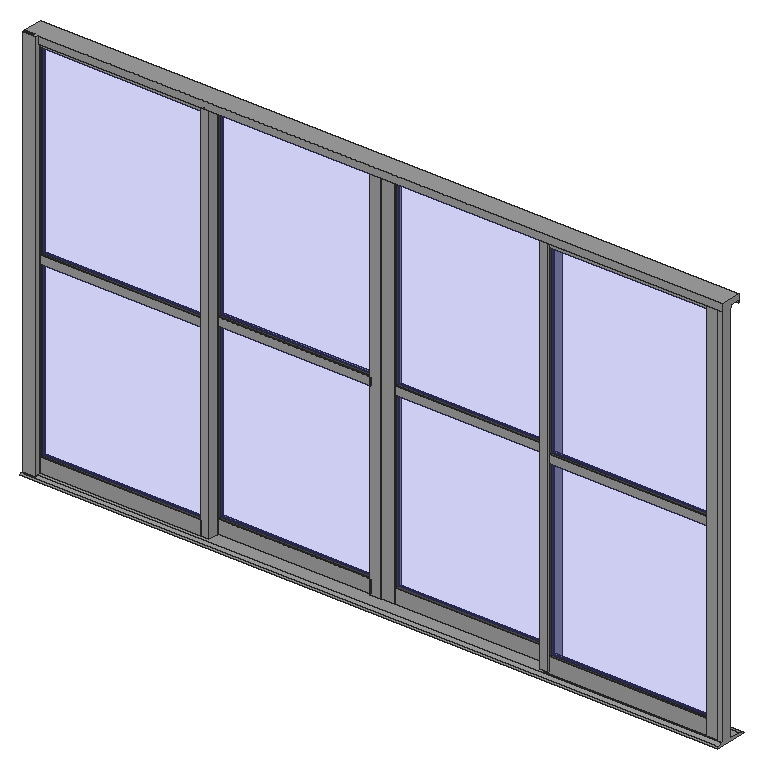
Revit family "MS-360-BIP-Door-INT", category Doors, host Wall, Revit 2015
Parameters
  Wing Width [instance] = 3' - 0"
  Wall Thickness [instance] = 0' - 8"
  URL = "obe.com"
  Pushbar Height [instance] = 3' - 5 1/4"  # constant formula
  Offset Limitation [instance] = if((Offset + 0' 4 59/128") > Wall Thickness, (Wall Thickness - 0' 2 83/256"), Offset + 0' 4 59/128")  # 0' - 4 59/128"
  Offset [instance] = 0' - 0"
  Model = "MS-360-BIP-Door-INT"
  Min Wing Width [instance] = if(Wing Width > 3' 0", Wing Width, 3' 0")  # 3' - 0"
  Max Height [instance] = if(Height < 12' 0", Height, 12' 0")  # 7' - 0"
  Manufacturer = "Oldcastle BuildingEnvelope®"
  Keynote = "08 11 00"
  Glass Material = Glass
  Gasket Material = Gasket
  Function = Interior
  Height = 7' - 0"
  Wall Closure = By host
  Width = 3' - 0"
  Frame Material = Aluminum
  Door Width [instance] = Center Wing Width * 2 + Min Wing Width * 2  # 12' - 0"
  Description = "MS-360 - Multi-track Mall Slider - Bi-Parting"
  Center Wing Width [instance] = if(Wing Width > 3' 0", Wing Width, Min Wing Width)  # 3' - 0"
  Assembly Code = "B2030"
Reference planes (in)
  plane 1 "Center (Front/Back)": y = 0
  plane 2 "Center (Left/Right)": x = 0
  plane 3 "Left": x = -36
  plane 4 "Right": x = 36
  plane 5 "Top": z = 84
  plane 6 "Exterior": y = 4
  plane 7 "Interior": y = -4
  plane 8 "Offset": y = -0.46094
  plane 9: x = -72
  plane 10: x = 72
Lines and regions (in)
  Opening 1
    outline origin (-90, -4, 0) x (1, 0, 0) y (0, 0, 1)
      loop
        line (17.09375, 0) -> (164.15602, 0) -> (164.15602, 84) -> (17.09375, 84) -> (17.09375, 0)
Text (in)
  text "Exterior" at (-74.96733, 82.35455, 0), in view "Ref. Level"
  text "Interior" at (-74.96733, -61.14508, 0), in view "Ref. Level"
  text "Exterior" at (0, 40.15149, 123.01588), in view "Right"
  text "Interior" at (0, -64.39139, 123.01588), in view "Right"
  text "Interior" at (0, -31.01599, 123.00693), in view "Left"
  text "Exterior" at (0, 54.57065, 123.00693), in view "Left"
Dimensions and locks (in)
  equal spacing: plane 3 "Left", plane 2 "Center (Left/Right)", plane 4 "Right"
  "Max Height": level to plane 5 "Top"
  "Wall Thickness": host wall to host wall
  "Offset Limitation": plane 8 "Offset" to plane 6 "Exterior"
  locked: plane 9 to Opening 1 sketch curve at 0.90625
  locked: plane 10 to Opening 1 sketch curve at 2.15602
  "Min Wing Width": plane 9 to plane 3 "Left"
  "Min Wing Width": plane 4 "Right" to plane 10
  "Center Wing Width": plane 3 "Left" to plane 2 "Center (Left/Right)"
  "Center Wing Width": plane 2 "Center (Left/Right)" to plane 4 "Right"
  aligned and locked: plane 5 "Top" to Opening 1 sketch curve  (x2)
  aligned and locked: Opening 1 sketch curve to level
  aligned and locked: plane 6 "Exterior" to host wall
  aligned and locked: plane 7 "Interior" to host wall
  aligned and locked: plane 8 "Offset" to nested 1
Nested families (in)
  nested 1: "MS-360-BIP-Door" at (0, 2.53906, 0), Wing Width <- "Min Wing Width", Height <- "Height", type "MS-360-BIP-Door"
    with Wing Width 3' - 0", Width 12' - 0", Min Wing Width 3' - 0", Max Height 7' - 0", Height 7' - 0", Center Wing Width 3' - 0"
Definition of nested family "MS-360-BIP-Door"
  Parameters (values of type "MS-360-BIP-Door")
    Wing Width [instance] = 3' - 0"
    Width [instance] = Center Wing Width * 2 + Min Wing Width * 2  # 12' - 0"
    Pushbar Height = 3' - 5 1/4"  # constant formula
    Min Wing Width [instance] = if(Wing Width > 3' 0", Wing Width, 3' 0")  # 3' - 0"
    Max Height [instance] = if(Height < 12' 0", Height, 12' 0")  # 7' - 6"
    Height [instance] = 7' - 6"
    Glass Material = none
    Gasket Material = none
    Frame Material = none
    Center Wing Width [instance] = if(Wing Width > 3' 0", Wing Width, Min Wing Width)  # 3' - 0"
  Reference planes (in)
    plane 1 "Center (Front/Back)": y = 0
    plane 2: z = 0
    plane 3 "Center (Left/Right)": x = 0
    plane 4 "Offset": y = -3
    plane 5: z = 90
    plane 6: z = 41.25
    plane 7: x = 36
    plane 8: x = -36
    plane 9: x = 72
    plane 10: x = -72
    plane 11: z = 3.406
    plane 12: z = 40.781
    plane 13: z = 41.843
    plane 14: z = 87.969
  Forms (in)
    Sweep 1, solid, material <- "Frame Material"
      path origin (0, -3, 0) x (-1, 0, 0) y (0, 0, 1)
        loop
          line (-74.15602, 0) -> (73.906, 0)
      profile origin (0.12501, -3, 0) x (0, 0, 1) y (0, 1, 0)
        loop
          line (0.5, 3.39618) -> (0.27143, 4.24923)
          arc (0.27143, 4.24923) -> (0.17106, 4.39943) -> (0, 4.4575) r 0.281
          line (0, 4.4575) -> (0, -2.3225)
          arc (0, -2.3225) -> (0.17106, -2.26443) -> (0.27143, -2.11423) r 0.281
          line (0.27143, -2.11423) -> (0.5, -1.26118) -> (0.5, 3.39618)
    Sweep 2, solid, material <- "Frame Material"
      path origin (0, -3, 0) x (-1, 0, 0) y (0, 0, 1)
        loop
          line (2.5625, 0) -> (36, 0)
      profile origin (-19.28125, -3, 0) x (0, 0, 1) y (0, 1, 0)
        loop
          line (3.688, 1.44922) -> (3.688, 2.01172) -> (3.406, 2.01172) -> (3.406, 2.26172) -> (3.688, 2.26172) -> (3.688, 2.82422) -> (0.688, 2.82422) -> (0.688, 1.44922) -> (3.688, 1.44922)
    Sweep 3, solid, material <- "Frame Material"
      path origin (0, -3, 0) x (-1, 0, 0) y (0, 0, 1)
        loop
          line (36.84401, 0) -> (71.156, 0)
      profile origin (-54.00001, -3, 0) x (0, 0, 1) y (0, 1, 0)
        loop
          line (3.688, 0.68922) -> (0.688, 0.68922) -> (0.688, -0.68578) -> (3.688, -0.68578) -> (3.688, -0.125) -> (3.406, -0.125) -> (3.406, 0.125) -> (3.688, 0.125) -> (3.688, 0.68922)
    Sweep 4, solid, material <- "Frame Material"
      path origin (0, -3, 0) x (-1, 0, 0) y (0, 0, 1)
        loop
          line (-72, 0) -> (-36, 0)
      profile origin (54, -3, 0) x (0, 0, 1) y (0, 1, 0)
        loop
          line (0.5, 0.6875) -> (0.5, -0.6875) -> (3.688, -0.6875) -> (3.688, -0.125) -> (3.406, -0.125) -> (3.406, 0.125) -> (3.688, 0.125) -> (3.688, 0.6875) -> (0.5, 0.6875)
    Sweep 5, solid, material <- "Frame Material"
      path origin (0, -3, 0) x (-1, 0, 0) y (0, 0, 1)
        loop
          line (-74.15602, 90) -> (73.906, 90)
      profile origin (0.12501, -3, 90) x (0, 0, 1) y (0, 1, 0)
        loop
          line (0, 3.2325) -> (-1.625, 3.2325) -> (-1.625, 3.1625) -> (-1.125, 3.1625) -> (-1.125, 1.1075) -> (-1.625, 1.1075) -> (-1.625, 1.0375) -> (-1.125, 1.0375) -> (-1.125, -1.0125) -> (-1.625, -1.0125) -> (-1.625, -1.0825) -> (0, -1.0825) -> (0, 3.2325)
    Sweep 6, solid, material <- "Frame Material"
      path origin (0, -3, 0) x (-1, 0, 0) y (0, 0, 1)
        loop
          line (-72, 90) -> (-36, 90)
      profile origin (54, -3, 90) x (0, 0, 1) y (0, 1, 0)
        loop
          line (-1.125, 0.9175) -> (-1.625, 0.9175) -> (-1.625, 0.6875) -> (-2.437, 0.6875) -> (-2.437, 0.125) -> (-2.031, 0.125) -> (-2.031, -0.125) -> (-2.437, -0.125) -> (-2.437, -0.6875) -> (-1.625, -0.6875) -> (-1.625, -0.9175) -> (-1.125, -0.9175) -> (-1.125, 0.9175)
    Sweep 7, solid, material <- "Frame Material"
      path origin (0, -3, 0) x (-1, 0, 0) y (0, 0, 1)
        loop
          line (-36, 90) -> (-0.31246, 90)
      profile origin (18.15623, -3, 90) x (0, 0, 1) y (0, 1, 0)
        loop
          line (-1.125, 3.05422) -> (-1.625, 3.05422) -> (-1.625, 2.82422) -> (-2.437, 2.82422) -> (-2.437, 2.26172) -> (-2.031, 2.26172) -> (-2.031, 2.01172) -> (-2.437, 2.01172) -> (-2.437, 1.44922) -> (-1.625, 1.44922) -> (-1.625, 1.21922) -> (-1.125, 1.21922) -> (-1.125, 3.05422)
    Sweep 8, solid, material <- "Frame Material"
      path origin (0, -3, 0) x (-1, 0, 0) y (0, 0, 1)
        loop
          line (36, 90) -> (72, 90)
      profile origin (-54, -3, 90) x (0, 0, 1) y (0, 1, 0)
        loop
          line (-1.125, 0.9175) -> (-1.625, 0.9175) -> (-1.625, 0.6875) -> (-2.437, 0.6875) -> (-2.437, 0.125) -> (-2.031, 0.125) -> (-2.031, -0.125) -> (-2.437, -0.125) -> (-2.437, -0.6875) -> (-1.625, -0.6875) -> (-1.625, -0.9175) -> (-1.125, -0.9175) -> (-1.125, 0.9175)
    Sweep 9, solid, material <- "Frame Material"
      path origin (0, -3, 0) x (-1, 0, 0) y (0, 0, 1)
        loop
          line (-72, 88.8125) -> (-72, 0.5)
      profile origin (72, -3, 44.65625) x (0, 1, 0) y (-1, 0, 0)
        loop
          line (0.125, 1) -> (-0.125, 1) -> (-0.125, 1.34401) -> (-0.695, 1.34401) -> (-0.695, 1.40602) -> (-0.75005, 1.40602) -> (-0.75005, -1.40601) -> (-0.62527, -1.40601) -> (-0.5675, -1.15579) -> (0.56267, -1.15579) -> (0.625, -0.90579) -> (0.75005, -0.90579) -> (0.75005, 1.40602) -> (0.69499, 1.40602) -> (0.69499, 1.34401) -> (0.125, 1.34401) -> (0.125, 1)
    Sweep 10, solid, material <- "Frame Material"
      path origin (0, -3, 0) x (-1, 0, 0) y (0, 0, 1)
        loop
          line (-72, 90) -> (-72, 0)
      profile origin (72, -3, 45) x (0, 1, 0) y (-1, 0, 0)
        loop
          line (0.62434, -1.03079) -> (0.56658, -1.28096) -> (0.36928, -1.28096) -> (-0.56305, -1.28096) -> (-0.62536, -1.5309) -> (-0.79998, -1.5309) -> (-0.79998, -1.03117) -> (-1.0001, -1.03117) -> (-1.0001, -2.15602) -> (0.99997, -2.15602) -> (0.99997, -1.03079) -> (0.62434, -1.03079)
    Sweep 11, solid, material <- "Frame Material"
      path origin (0, -3, 0) x (-1, 0, 0) y (0, 0, 1)
        loop
          line (72, 90) -> (72, 0)
      profile origin (-72, -3, 45) x (0, 1, 0) y (-1, 0, 0)
        loop
          line (-1.76, 1.906) -> (-1.76, -0.844) -> (-0.885, -0.844) -> (-0.885, 0.21895) -> (-1.01714, 0.21895) -> (-1.11786, -0.15695) -> (-1.385, -0.15695) -> (-1.385, 1.906) -> (-1.76, 1.906)
    Sweep 12, solid, material <- "Frame Material"
      path origin (0, -3, 0) x (-1, 0, 0) y (0, 0, 1)
        loop
          line (72, 88.875) -> (72, 0.688)
      profile origin (-72, -3, 44.7815) x (0, 1, 0) y (-1, 0, 0)
        loop
          line (0.75, -0.906) -> (0.75, 0.906) -> (-1.26118, 0.906) -> (-1.26118, -0.15695) -> (-1.11786, -0.15695) -> (-1.01714, 0.21895) -> (-0.75, 0.21895) -> (-0.75, -0.906) -> (-0.695, -0.906) -> (-0.695, -0.844) -> (-0.12328, -0.844) -> (-0.12328, -0.5) -> (0.12672, -0.5) -> (0.12672, -0.844) -> (0.695, -0.844) -> (0.695, -0.906) -> (0.75, -0.906)
    Sweep 13, solid, material <- "Frame Material"
      path origin (0, -3, 0) x (-1, 0, 0) y (0, 0, 1)
        loop
          line (36, 0.688) -> (36, 88.813)
      profile origin (-36, -3, 44.7505) x (1, 0, 0) y (0, 1, 0)
        loop
          line (0.90597, -0.75001) -> (0.90597, 1.24996) -> (-0.15695, 1.24996) -> (-0.15695, 1.11762) -> (0.2189, 1.01691) -> (0.2189, 0.74996) -> (-0.90605, 0.74996) -> (-0.90605, 0.69499) -> (-0.84401, 0.69499) -> (-0.84401, 0.125) -> (-0.5, 0.125) -> (-0.5, -0.125) -> (-0.84401, -0.125) -> (-0.84401, -0.69506) -> (-0.90605, -0.69506) -> (-0.90605, -0.75001) -> (0.90597, -0.75001)
    Sweep 14, solid, material <- "Frame Material"
      path origin (0, -3, 0) x (-1, 0, 0) y (0, 0, 1)
        loop
          line (36, 88.875) -> (36, 0.688)
      profile origin (-36, -3, 44.7815) x (0, 1, 0) y (-1, 0, 0)
        loop
          line (2.88673, 0.84403) -> (0.88676, 0.84403) -> (0.88676, -0.2189) -> (1.0191, -0.2189) -> (1.11981, 0.15696) -> (1.38676, 0.15696) -> (1.38676, -0.96799) -> (1.44173, -0.96799) -> (1.44173, -0.90596) -> (2.01172, -0.90596) -> (2.01172, -0.56194) -> (2.26172, -0.56194) -> (2.26172, -0.90596) -> (2.83178, -0.90596) -> (2.83178, -0.96799) -> (2.88673, -0.96799) -> (2.88673, 0.84403)
    Sweep 15, solid, material <- "Frame Material"
      path origin (0, -3, 0) x (1, 0, 0) y (0, 0, 1)
        loop
          line (36, 0.688) -> (36, 88.813)
      profile origin (36, -3, 44.7505) x (1, 0, 0) y (0, 1, 0)
        loop
          line (-0.90597, -0.75001) -> (0.90605, -0.75001) -> (0.90605, -0.69506) -> (0.84401, -0.69506) -> (0.84401, -0.125) -> (0.5, -0.125) -> (0.5, 0.125) -> (0.84401, 0.125) -> (0.84401, 0.69499) -> (0.90605, 0.69499) -> (0.90605, 0.74996) -> (-0.2189, 0.74996) -> (-0.2189, 1.01691) -> (0.15695, 1.11762) -> (0.15695, 1.24996) -> (-0.90597, 1.24996) -> (-0.90597, -0.75001)
    Sweep 16, solid, material <- "Frame Material"
      path origin (0, -3, 0) x (1, 0, 0) y (0, 0, 1)
        loop
          line (36, 88.875) -> (36, 0.688)
      profile origin (36, -3, 44.7815) x (0, 1, 0) y (-1, 0, 0)
        loop
          line (2.88673, -0.84403) -> (2.88673, 0.96799) -> (2.83178, 0.96799) -> (2.83178, 0.90596) -> (2.26172, 0.90596) -> (2.26172, 0.56194) -> (2.01172, 0.56194) -> (2.01172, 0.90596) -> (1.44173, 0.90596) -> (1.44173, 0.96799) -> (1.38676, 0.96799) -> (1.38676, -0.15696) -> (1.11981, -0.15696) -> (1.0191, 0.2189) -> (0.88676, 0.2189) -> (0.88676, -0.84403) -> (2.88673, -0.84403)
    Sweep 17, solid, material <- "Frame Material"
      path origin (0, -3, 0) x (-1, 0, 0) y (0, 0, 1)
        loop
          line (0, 88.375) -> (0, 0.6875)
      profile origin (0, -3, 44.53125) x (0, 1, 0) y (-1, 0, 0)
        loop
          line (2.26172, 2.21848) -> (2.01, 2.21848) -> (2.01, 2.5625) -> (1.44001, 2.5625) -> (1.44001, 2.6245) -> (1.38503, 2.6245) -> (1.38503, 0.31246) -> (1.51, 0.31246) -> (1.57195, 0.06246) -> (2.7031, 0.06246) -> (2.75997, -0.18757) -> (2.885, -0.18757) -> (2.885, 2.6245) -> (2.83004, 2.6245) -> (2.83004, 2.5625) -> (2.26172, 2.5625) -> (2.26172, 2.21848)
    Sweep 18, solid, material <- "Frame Material"
      path origin (0, -3, 0) x (1, 0, 0) y (0, 0, 1)
        loop
          line (0, 88.875) -> (0, 0.6875)
      profile origin (0, -3, 44.78125) x (0, 1, 0) y (-1, 0, 0)
        loop
          line (2.01, -2.21848) -> (2.26172, -2.21848) -> (2.26172, -2.5625) -> (2.83171, -2.5625) -> (2.83171, -2.6245) -> (2.88669, -2.6245) -> (2.88669, -0.31246) -> (2.76172, -0.31246) -> (2.69977, -0.06246) -> (1.56861, -0.06246) -> (1.51175, 0.18757) -> (1.38672, 0.18757) -> (1.38672, -2.6245) -> (1.44168, -2.6245) -> (1.44168, -2.5625) -> (2.01, -2.5625) -> (2.01, -2.21848)
    Sweep 19, solid, material <- "Frame Material"
      path origin (0, -3, 0) x (-1, 0, 0) y (0, 0, 1)
        loop
          line (0.06246, 90) -> (36, 90)
      profile origin (-18.03123, -3, 90) x (0, 0, 1) y (0, 1, 0)
        loop
          line (-1.125, 3.05422) -> (-1.625, 3.05422) -> (-1.625, 2.82422) -> (-2.437, 2.82422) -> (-2.437, 2.26172) -> (-2.031, 2.26172) -> (-2.031, 2.01172) -> (-2.437, 2.01172) -> (-2.437, 1.44922) -> (-1.625, 1.44922) -> (-1.625, 1.21922) -> (-1.125, 1.21922) -> (-1.125, 3.05422)
    Sweep 20, solid, material <- "Frame Material"
      path origin (0, -3, 0) x (-1, 0, 0) y (0, 0, 1)
        loop
          line (-35.09404, 0) -> (-2.5625, 0)
      profile origin (18.82827, -3, 0) x (0, 0, 1) y (0, 1, 0)
        loop
          line (3.688, 1.44922) -> (3.688, 2.01172) -> (3.406, 2.01172) -> (3.406, 2.26172) -> (3.688, 2.26172) -> (3.688, 2.82422) -> (0.688, 2.82422) -> (0.688, 1.44922) -> (3.688, 1.44922)
    Extrusion 21, solid, material <- "Glass Material"
      sketch origin (0, 0, 0) x (1, 0, 0) y (0, 1, 0)
        loop
          line (-71.5, -2.875) -> (-71.5, -3.125) -> (-36.5, -3.125) -> (-36.5, -2.875) -> (-71.5, -2.875)
      from 3.406 to 40.781
    Sweep 22, solid, material <- "Frame Material"
      path origin (0, -3, 0) x (-1, 0, 0) y (0, 0, 1)
        loop
          line (71.156, 41.25) -> (36.84401, 41.25)
      profile origin (-54.00001, -3, 41.25) x (0, 0, -1) y (0, 1, 0)
        loop
          line (-0.593, -0.125) -> (-0.875, -0.125) -> (-0.875, -0.6875) -> (0.875, -0.6875) -> (0.875, -0.125) -> (0.469, -0.125) -> (0.469, 0.125) -> (0.875, 0.125) -> (0.875, 0.6875) -> (-0.875, 0.6875) -> (-0.875, 0.125) -> (-0.593, 0.125) -> (-0.593, -0.125)
    Sweep 23, solid, material <- "Frame Material"
      path origin (0, -3, 0) x (-1, 0, 0) y (0, 0, 1)
        loop
          line (2.5625, 41.25) -> (35.09404, 41.25)
      profile origin (-18.82827, -3, 41.25) x (0, 0, 1) y (0, 1, 0)
        loop
          line (0.593, 2.01172) -> (0.593, 2.26172) -> (0.875, 2.26172) -> (0.875, 2.82422) -> (-0.875, 2.82422) -> (-0.875, 2.26172) -> (-0.469, 2.26172) -> (-0.469, 2.01172) -> (-0.875, 2.01172) -> (-0.875, 1.44922) -> (0.875, 1.44922) -> (0.875, 2.01172) -> (0.593, 2.01172)
    Sweep 24, solid, material <- "Frame Material"
      path origin (32, -3, 0) x (-1, 0, 0) y (0, 0, 1)
        loop
          line (-3.09404, 41.25) -> (29.4375, 41.25)
      profile origin (18.82827, -3, 41.25) x (0, 0, 1) y (0, 1, 0)
        loop
          line (0.593, 2.01172) -> (0.593, 2.26172) -> (0.875, 2.26172) -> (0.875, 2.82422) -> (-0.875, 2.82422) -> (-0.875, 2.26172) -> (-0.469, 2.26172) -> (-0.469, 2.01172) -> (-0.875, 2.01172) -> (-0.875, 1.44922) -> (0.875, 1.44922) -> (0.875, 2.01172) -> (0.593, 2.01172)
    Sweep 25, solid, material <- "Frame Material"
      path origin (66, -3, 0) x (-1, 0, 0) y (0, 0, 1)
        loop
          line (-6, 41.25) -> (30, 41.25)
      profile origin (54, -3, 41.25) x (0, 0, 1) y (0, 1, 0)
        loop
          line (0.593, -0.125) -> (0.593, 0.125) -> (0.875, 0.125) -> (0.875, 0.6875) -> (-0.875, 0.6875) -> (-0.875, 0.125) -> (-0.469, 0.125) -> (-0.469, -0.125) -> (-0.875, -0.125) -> (-0.875, -0.6875) -> (0.875, -0.6875) -> (0.875, -0.125) -> (0.593, -0.125)
    Extrusion 26, solid, material <- "Glass Material"
      sketch origin (0, 0, 0) x (1, 0, 0) y (0, 1, 0)
        loop
          line (-35.43806, -0.73828) -> (-35.43806, -0.98828) -> (-2.21848, -0.98828) -> (-2.21848, -0.73828) -> (-35.43806, -0.73828)
        loop
          line (2.21848, -0.73828) -> (2.21848, -0.98828) -> (35.43806, -0.98828) -> (35.43806, -0.73828) -> (2.21848, -0.73828)
      from 3.406 to 40.781
    Extrusion 27, solid, material <- "Glass Material"
      sketch origin (0, 0, 0) x (1, 0, 0) y (0, 1, 0)
        loop
          line (36.5, -2.875) -> (36.5, -3.125) -> (71, -3.125) -> (71, -2.875) -> (36.5, -2.875)
      from 3.406 to 40.781
    Extrusion 28, solid, material <- "Glass Material"
      sketch origin (0, 0, 0) x (1, 0, 0) y (0, 1, 0)
        loop
          line (-36.5, -2.875) -> (-71.5, -2.875) -> (-71.5, -3.125) -> (-36.5, -3.125) -> (-36.5, -2.875)
        loop
          line (71, -2.875) -> (36.5, -2.875) -> (36.5, -3.125) -> (71, -3.125) -> (71, -2.875)
      from 41.843 to 87.969
    Extrusion 29, solid, material <- "Glass Material"
      sketch origin (0, 0, 0) x (1, 0, 0) y (0, 1, 0)
        loop
          line (-2.21848, -0.73828) -> (-35.43806, -0.73828) -> (-35.43806, -0.98828) -> (-2.21848, -0.98828) -> (-2.21848, -0.73828)
        loop
          line (2.21848, -0.73828) -> (2.21848, -0.98828) -> (35.43806, -0.98828) -> (35.43806, -0.73828) -> (2.21848, -0.73828)
      from 41.843 to 87.969
    Sweep 30, solid, material <- "Gasket Material"
      path origin (0, -3, 0) x (-1, 0, 0) y (0, 0, 1)
        loop
          line (-71.0625, 87.969) -> (-71.0625, 41.71875) -> (-36.4375, 41.71875) -> (-36.4375, 87.969) -> (-71.0625, 87.969)
      profile origin (53.75, -3, 87.969) x (0, 0, 1) y (0, 1, 0)
        loop
          line (-0.406, 0.4435) -> (-0.54804, 0.125) -> (-0.406, 0.125) -> (-0.406, 0.4435)
        loop
          line (-0.54804, -0.125) -> (-0.406, -0.4435) -> (-0.406, -0.125) -> (-0.54804, -0.125)
    Sweep 31, solid, material <- "Gasket Material"
      path origin (0, -3, 0) x (-1, 0, 0) y (0, 0, 1)
        loop
          line (-35.5, 87.969) -> (-35.5, 41.71875) -> (-2.1565, 41.71875) -> (-2.1565, 87.969) -> (-35.5, 87.969)
      profile origin (18.82825, -3, 87.969) x (0, 0, 1) y (0, 1, 0)
        loop
          line (-0.406, 2.58022) -> (-0.54804, 2.26172) -> (-0.406, 2.26172) -> (-0.406, 2.58022)
        loop
          line (-0.54804, 2.01172) -> (-0.406, 1.69322) -> (-0.406, 2.01172) -> (-0.54804, 2.01172)
    Sweep 32, solid, material <- "Gasket Material"
      path origin (-37.65655, -3, 0) x (-1, 0, 0) y (0, 0, 1)
        loop
          line (-35.5, 87.969) -> (-35.5, 41.71875) -> (-2.1565, 41.71875) -> (-2.1565, 87.969) -> (-35.5, 87.969)
      profile origin (-18.8283, -3, 87.969) x (0, 0, 1) y (0, 1, 0)
        loop
          line (-0.406, 2.58022) -> (-0.54804, 2.26172) -> (-0.406, 2.26172) -> (-0.406, 2.58022)
        loop
          line (-0.54804, 2.01172) -> (-0.406, 1.69322) -> (-0.406, 2.01172) -> (-0.54804, 2.01172)
    Sweep 33, solid, material <- "Gasket Material"
      path origin (0, -3, 0) x (-1, 0, 0) y (0, 0, 1)
        loop
          line (36.43725, 87.969) -> (36.43725, 41.71875) -> (71.562, 41.71875) -> (71.562, 87.969) -> (36.43725, 87.969)
      profile origin (-53.99963, -3, 87.969) x (0, 0, 1) y (0, 1, 0)
        loop
          line (-0.406, 0.4435) -> (-0.54804, 0.125) -> (-0.406, 0.125) -> (-0.406, 0.4435)
        loop
          line (-0.54804, -0.125) -> (-0.406, -0.4435) -> (-0.406, -0.125) -> (-0.54804, -0.125)
    Sweep 34, solid, material <- "Gasket Material"
      path origin (0, -3, 0) x (-1, 0, 0) y (0, 0, 1)
        loop
          line (35.9685, 41.25) -> (35.9685, 2.81225) -> (72.03075, 2.81225) -> (72.03075, 41.25) -> (35.9685, 41.25)
      profile origin (-53.99963, -3, 41.25) x (0, 0, 1) y (0, 1, 0)
        loop
          line (-0.875, 0.4435) -> (-1.01704, 0.125) -> (-0.875, 0.125) -> (-0.875, 0.4435)
        loop
          line (-1.01704, -0.125) -> (-0.875, -0.4435) -> (-0.875, -0.125) -> (-1.01704, -0.125)
    Sweep 35, solid, material <- "Gasket Material"
      path origin (0, -3, 0) x (-1, 0, 0) y (0, 0, 1)
        loop
          line (1.6878, 41.25) -> (1.6878, 2.81225) -> (35.96879, 2.81225) -> (35.96879, 41.25) -> (1.6878, 41.25)
      profile origin (-18.8283, -3, 41.25) x (0, 0, 1) y (0, 1, 0)
        loop
          line (-0.875, 2.58022) -> (-1.01704, 2.26172) -> (-0.875, 2.26172) -> (-0.875, 2.58022)
        loop
          line (-1.01704, 2.01172) -> (-0.875, 1.69322) -> (-0.875, 2.01172) -> (-1.01704, 2.01172)
    Sweep 36, solid, material <- "Gasket Material"
      path origin (37.6563, -3, 0) x (-1, 0, 0) y (0, 0, 1)
        loop
          line (1.6878, 41.25) -> (1.6878, 2.81225) -> (35.96879, 2.81225) -> (35.96879, 41.25) -> (1.6878, 41.25)
      profile origin (18.828, -3, 41.25) x (0, 0, 1) y (0, 1, 0)
        loop
          line (-0.875, 2.58022) -> (-1.01704, 2.26172) -> (-0.875, 2.26172) -> (-0.875, 2.58022)
        loop
          line (-1.01704, 2.01172) -> (-0.875, 1.69322) -> (-0.875, 2.01172) -> (-1.01704, 2.01172)
    Sweep 37, solid, material <- "Gasket Material"
      path origin (107.4995, -3, 0) x (-1, 0, 0) y (0, 0, 1)
        loop
          line (35.9685, 41.25) -> (35.9685, 2.81225) -> (71.53075, 2.81225) -> (71.53075, 41.25) -> (35.9685, 41.25)
      profile origin (53.74987, -3, 41.25) x (0, 0, 1) y (0, 1, 0)
        loop
          line (-0.875, 0.4435) -> (-1.01704, 0.125) -> (-0.875, 0.125) -> (-0.875, 0.4435)
        loop
          line (-1.01704, -0.125) -> (-0.875, -0.4435) -> (-0.875, -0.125) -> (-1.01704, -0.125)
  Cuts and joins
    joined: Sweep 1, Sweep 5, Sweep 10, Sweep 11
    joined: Sweep 4, Sweep 6, Sweep 9, Sweep 15, Sweep 25
    joined: Sweep 7, Sweep 16, Sweep 18, Sweep 20, Sweep 24
    joined: Sweep 2, Sweep 14, Sweep 19, Sweep 23
    joined: Sweep 8, Sweep 12, Sweep 13, Sweep 22
  Dimensions and locks (in)
    "Pushbar Height": plane 6 to level
    "Max Height": plane 5 to level
    "Center Wing Width": plane 8 to plane 3 "Center (Left/Right)"
    "Center Wing Width": plane 3 "Center (Left/Right)" to plane 7
    "Min Wing Width": plane 10 to plane 8
    "Min Wing Width": plane 7 to plane 9
    equal spacing: plane 10, plane 3 "Center (Left/Right)", plane 9
    locked: Sweep 1 sketch curve to plane 9 at 2.15602
    locked: Sweep 5 sketch curve to plane 9 at 2.15602
    locked: Sweep 9 sketch curve to plane 5 at 1.1875
    locked: Sweep 1 sketch curve to plane 10 at 1.906
    locked: Sweep 5 sketch curve to plane 10 at 1.906
    locked: level to Sweep 12 sketch curve at 0.688
    locked: Sweep 12 sketch curve to plane 5 at 1.125
    locked: Sweep 13 sketch curve to plane 5 at 1.187
    locked: Sweep 14 sketch curve to plane 5 at 1.125
    locked: level to Sweep 14 sketch curve at 0.688
    locked: level to Sweep 13 sketch curve at 0.688
    locked: Sweep 15 sketch curve to plane 5 at 1.187
    locked: level to Sweep 15 sketch curve at 0.688
    locked: Sweep 16 sketch curve to plane 5 at 1.125
    locked: level to Sweep 16 sketch curve at 0.688
    locked: Sweep 17 sketch curve to plane 5 at 1.625
    locked: level to Sweep 17 sketch curve at 0.6875
    locked: Sweep 18 sketch curve to plane 5 at 1.125
    locked: level to Sweep 18 sketch curve at 0.6875
    locked: plane 3 "Center (Left/Right)" to Sweep 19 sketch curve at 0.06246
    locked: Sweep 7 sketch curve to plane 3 "Center (Left/Right)" at 0.31246
    locked: Sweep 20 sketch curve to plane 3 "Center (Left/Right)" at 2.5625
    locked: plane 3 "Center (Left/Right)" to Sweep 2 sketch curve at 2.5625
    locked: plane 10 to Extrusion 21 sketch curve at 0.5
    locked: Extrusion 21 sketch curve to plane 8 at 0.5
    Extrusion 21 sketch curve to plane 4 "Offset" to Extrusion 21 sketch curve = 0' - 0 1/8" locked, 0' - 0 1/8" locked
    locked: plane 11 to level at 3.406
    plane 13 to plane 6 to plane 12 = 0' - 0.593" locked, 0' - 0.469" locked
    locked: plane 3 "Center (Left/Right)" to Sweep 23 sketch curve at 2.5625
    locked: Sweep 24 sketch curve to plane 3 "Center (Left/Right)" at 2.5625
    Extrusion 26 sketch curve to Extrusion 26 sketch curve to plane 4 "Offset" = 0' - 0 1/4" locked, 0' - 2 3/256" locked  (x2)
    locked: plane 8 to Extrusion 26 sketch curve at 0.56194
    Extrusion 26 sketch curve to plane 3 "Center (Left/Right)" to Extrusion 26 sketch curve = 0' - 2.21848" locked, 0' - 2.21848" locked
    locked: Extrusion 26 sketch curve to plane 7 at 0.56194
    Extrusion 27 sketch curve to plane 4 "Offset" to Extrusion 27 sketch curve = 0' - 0 1/8" locked, 0' - 0 1/8" locked
    locked: Extrusion 27 sketch curve to plane 9 at 1
    locked: plane 7 to Extrusion 27 sketch curve at 0.5
    Extrusion 28 sketch curve to plane 4 "Offset" to Extrusion 28 sketch curve = 0' - 0 1/8" locked, 0' - 0 1/8" locked  (x2)
    locked: plane 10 to Extrusion 28 sketch curve at 0.5
    locked: Extrusion 28 sketch curve to plane 8 at 0.5
    locked: plane 7 to Extrusion 28 sketch curve at 0.5
    locked: Extrusion 28 sketch curve to plane 9 at 1
    locked: plane 5 to plane 14 at 2.031
    Extrusion 29 sketch curve to Extrusion 29 sketch curve to plane 4 "Offset" = 0' - 0 1/4" locked, 0' - 2 3/256" locked  (x2)
    locked: Extrusion 29 sketch curve to plane 7 at 0.56194
    Extrusion 29 sketch curve to plane 3 "Center (Left/Right)" to Extrusion 29 sketch curve = 0' - 2.21848" locked, 0' - 2.21848" locked
    locked: plane 8 to Extrusion 29 sketch curve at 0.56194
    locked: plane 6 to Sweep 30 sketch curve at 0.46875
    locked: Sweep 30 sketch curve to plane 7 at 0.4375
    locked: plane 9 to Sweep 30 sketch curve at 0.9375
    locked: plane 7 to Sweep 31 sketch curve at 0.5
    locked: Sweep 31 sketch curve to plane 3 "Center (Left/Right)" at 2.1565
    locked: plane 6 to Sweep 31 sketch curve at 0.46875
    locked: plane 8 to Sweep 32 sketch curve at 0.49996
    locked: plane 3 "Center (Left/Right)" to Sweep 32 sketch curve at 2.15655
    locked: plane 6 to Sweep 32 sketch curve at 0.46875
    locked: plane 10 to Sweep 33 sketch curve at 0.438
    locked: Sweep 33 sketch curve to plane 8 at 0.43725
    locked: level to Sweep 34 sketch curve at 2.81225
    locked: plane 8 to Sweep 34 sketch curve at 0.0315
    locked: Sweep 34 sketch curve to plane 10 at 0.03075
    locked: plane 8 to Sweep 35 sketch curve at 0.03121
    locked: level to Sweep 35 sketch curve at 2.81225
    locked: plane 3 "Center (Left/Right)" to Sweep 35 sketch curve at 1.6878
    locked: Sweep 36 sketch curve to plane 3 "Center (Left/Right)" at 1.6875
    locked: plane 7 to Sweep 36 sketch curve at 0.0315
    locked: level to Sweep 36 sketch curve at 2.81225
    locked: plane 7 to Sweep 37 sketch curve at 0.03125
    locked: plane 10 to Sweep 22 sketch curve at 0.844
    locked: Sweep 22 sketch curve to plane 8 at 0.84401
    locked: plane 10 to Sweep 3 sketch curve at 0.844
    locked: Sweep 3 sketch curve to plane 8 at 0.84401
    locked: plane 7 to Sweep 24 sketch curve at 0.90596
    locked: plane 8 to Sweep 23 sketch curve at 0.90596
    locked: plane 7 to Sweep 20 sketch curve at 0.90596
    aligned and locked: level to plane 2
    aligned and locked: Sweep 1 sketch curve to level
    aligned and locked: Sweep 2 sketch curve to level
    aligned and locked: Sweep 2 sketch curve to plane 8
    aligned and locked: Sweep 3 sketch curve to level
    aligned and locked: Sweep 4 sketch curve to level
    aligned and locked: plane 9 to Sweep 4 sketch curve
    aligned and locked: plane 7 to Sweep 4 sketch curve
    aligned and locked: Sweep 5 sketch curve to plane 5
    aligned and locked: Sweep 6 sketch curve to plane 5
    aligned and locked: plane 9 to Sweep 6 sketch curve
    aligned and locked: plane 7 to Sweep 6 sketch curve
    aligned and locked: Sweep 7 sketch curve to plane 5
    aligned and locked: plane 7 to Sweep 7 sketch curve
    aligned and locked: Sweep 8 sketch curve to plane 5
    aligned and locked: plane 10 to Sweep 8 sketch curve
    aligned and locked: plane 8 to Sweep 8 sketch curve
    aligned and locked: plane 9 to Sweep 9 sketch curve
    aligned and locked: plane 9 to Sweep 10 sketch curve
    aligned and locked: level to Sweep 10 sketch curve
    aligned and locked: plane 5 to Sweep 10 sketch curve
    aligned and locked: Sweep 11 sketch curve to plane 10
    aligned and locked: plane 5 to Sweep 11 sketch curve
    aligned and locked: level to Sweep 11 sketch curve
    aligned and locked: Sweep 12 sketch curve to plane 10
    aligned and locked: plane 8 to Sweep 13 sketch curve
    aligned and locked: Sweep 14 sketch curve to plane 8
    aligned and locked: Sweep 15 sketch curve to plane 7
    aligned and locked: plane 7 to Sweep 16 sketch curve
    aligned and locked: plane 3 "Center (Left/Right)" to Sweep 17 sketch curve
    aligned and locked: plane 3 "Center (Left/Right)" to Sweep 18 sketch curve
    aligned and locked: Sweep 19 sketch curve to plane 5
    aligned and locked: plane 8 to Sweep 19 sketch curve
    aligned and locked: Sweep 20 sketch curve to level
    aligned and locked: Extrusion 21 to plane 11
    aligned and locked: plane 12 to Extrusion 21
    aligned and locked: plane 6 to Sweep 22 sketch curve
    aligned and locked: Sweep 23 sketch curve to plane 6
    aligned and locked: Sweep 24 sketch curve to plane 6
    aligned and locked: Sweep 25 sketch curve to plane 6
    aligned and locked: plane 9 to Sweep 25 sketch curve
    aligned and locked: plane 7 to Sweep 25 sketch curve
    aligned and locked: Extrusion 26 to plane 11
    aligned and locked: plane 12 to Extrusion 26
    aligned and locked: Extrusion 27 to plane 11
    aligned and locked: plane 12 to Extrusion 27
    aligned and locked: Extrusion 28 to plane 13
    aligned and locked: plane 14 to Extrusion 28
    aligned and locked: Extrusion 29 to plane 13
    aligned and locked: plane 14 to Extrusion 29
    aligned and locked: plane 14 to Sweep 30 sketch curve
    aligned and locked: plane 14 to Sweep 31 sketch curve
    aligned and locked: plane 14 to Sweep 32 sketch curve
    aligned and locked: plane 14 to Sweep 33 sketch curve
    aligned and locked: Sweep 34 sketch curve to plane 6
    aligned and locked: Sweep 35 sketch curve to plane 6
    aligned and locked: Sweep 36 sketch curve to plane 6
    aligned and locked: Sweep 37 sketch curve to plane 6
  Automatic sketch dimensions
    profile plane to Sweep 1 sketch curve = 0' - 0"
    Sweep 1 sketch curve to profile plane = 0' - 0.27143"  (x2)
    Sweep 1 sketch curve to profile plane = 0' - 0 1/2"
    Sweep 1 sketch curve to plane 4 "Offset" = 0' - 2.3225"
    Sweep 1 sketch curve to Sweep 1 sketch curve = 0' - 0.20827"
    Sweep 1 sketch curve to Sweep 1 sketch curve = 0' - 0.85305"
    plane 4 "Offset" to Sweep 1 sketch curve = 0' - 3.39618"
    Sweep 1 sketch curve to Sweep 1 sketch curve = 0' - 0.78032"
    Sweep 1 sketch curve to Sweep 1 sketch curve = 0' - 0.07273"
    Sweep 2 sketch curve to profile plane = 0' - 0.688"
    Sweep 2 sketch curve to Sweep 2 sketch curve = 0' - 2.718"
    Sweep 2 sketch curve to Sweep 2 sketch curve = 0' - 0.282"  (x2)
    plane 4 "Offset" to Sweep 2 sketch curve = 0' - 1 115/256"
    Sweep 2 sketch curve to Sweep 2 sketch curve = 0' - 0 9/16"  (x2)
    Sweep 2 sketch curve to Sweep 2 sketch curve = 0' - 0 1/4"
    Sweep 3 sketch curve to profile plane = 0' - 0.688"
    Sweep 3 sketch curve to plane 4 "Offset" = 0' - 0 1/8"
    Sweep 3 sketch curve to Sweep 3 sketch curve = 0' - 2.718"
    Sweep 3 sketch curve to Sweep 3 sketch curve = 0' - 0.282"  (x2)
    Sweep 3 sketch curve to plane 4 "Offset" = 0' - 0.68578"
    plane 4 "Offset" to Sweep 3 sketch curve = 0' - 0 1/8"
    plane 4 "Offset" to Sweep 3 sketch curve = 0' - 0.68922"
    Sweep 4 sketch curve to profile plane = 0' - 0 1/2"
    plane 4 "Offset" to Sweep 4 sketch curve = 0' - 0 1/8"
    Sweep 4 sketch curve to Sweep 4 sketch curve = 0' - 2.906"
    Sweep 4 sketch curve to Sweep 4 sketch curve = 0' - 0.282"
    Sweep 4 sketch curve to Sweep 4 sketch curve = 0' - 0"
    Sweep 4 sketch curve to plane 4 "Offset" = 0' - 0 1/8"
    Sweep 4 sketch curve to plane 4 "Offset" = 0' - 0 11/16"
    Sweep 4 sketch curve to Sweep 4 sketch curve = 0' - 0 9/16"
    profile plane to Sweep 5 sketch curve = 0' - 0"
    profile plane to Sweep 5 sketch curve = 0' - 1 1/8"  (x2)
    Sweep 5 sketch curve to Sweep 5 sketch curve = 0' - 0 1/2"  (x3)
    Sweep 5 sketch curve to plane 4 "Offset" = 0' - 1.0825"
    Sweep 5 sketch curve to Sweep 5 sketch curve = 0' - 0.07"  (x3)
    plane 4 "Offset" to Sweep 5 sketch curve = 0' - 1.0375"
    Sweep 5 sketch curve to Sweep 5 sketch curve = 0' - 2.055"
    Sweep 6 sketch curve to plane 4 "Offset" = 0' - 0 1/8"
    profile plane to Sweep 6 sketch curve = 0' - 2.437"
    plane 4 "Offset" to Sweep 6 sketch curve = 0' - 0 1/8"
    Sweep 6 sketch curve to Sweep 6 sketch curve = 0' - 0"
    Sweep 6 sketch curve to Sweep 6 sketch curve = 0' - 0.406"
    Sweep 6 sketch curve to Sweep 6 sketch curve = 0' - 0.812"  (x2)
    Sweep 6 sketch curve to Sweep 6 sketch curve = 0' - 0 1/2"
    Sweep 6 sketch curve to plane 4 "Offset" = 0' - 0 11/16"
    Sweep 6 sketch curve to Sweep 6 sketch curve = 0' - 0.23"  (x2)
    Sweep 6 sketch curve to Sweep 6 sketch curve = 0' - 0 9/16"
    profile plane to Sweep 7 sketch curve = 0' - 2.437"
    Sweep 7 sketch curve to Sweep 7 sketch curve = 0' - 0"
    Sweep 7 sketch curve to Sweep 7 sketch curve = 0' - 0.406"
    Sweep 7 sketch curve to Sweep 7 sketch curve = 0' - 0.812"  (x2)
    Sweep 7 sketch curve to Sweep 7 sketch curve = 0' - 0 1/2"
    plane 4 "Offset" to Sweep 7 sketch curve = 0' - 1.21922"
    Sweep 7 sketch curve to Sweep 7 sketch curve = 0' - 0.23"  (x2)
    Sweep 7 sketch curve to Sweep 7 sketch curve = 0' - 0 9/16"  (x2)
    Sweep 7 sketch curve to Sweep 7 sketch curve = 0' - 0 1/4"
    Sweep 8 sketch curve to plane 4 "Offset" = 0' - 0 1/8"
    profile plane to Sweep 8 sketch curve = 0' - 2.437"
    plane 4 "Offset" to Sweep 8 sketch curve = 0' - 0 1/8"
    Sweep 8 sketch curve to Sweep 8 sketch curve = 0' - 0"
    Sweep 8 sketch curve to Sweep 8 sketch curve = 0' - 0.406"
    Sweep 8 sketch curve to Sweep 8 sketch curve = 0' - 0.812"  (x2)
    Sweep 8 sketch curve to Sweep 8 sketch curve = 0' - 0 1/2"
    Sweep 8 sketch curve to plane 4 "Offset" = 0' - 0 11/16"
    Sweep 8 sketch curve to Sweep 8 sketch curve = 0' - 0.23"  (x2)
    Sweep 8 sketch curve to Sweep 8 sketch curve = 0' - 0 9/16"
    level to Sweep 9 sketch curve = 0' - 0 1/2"
    Sweep 9 sketch curve to plane 4 "Offset" = 0' - 0.75005"
    Sweep 9 sketch curve to Sweep 9 sketch curve = 0' - 0.05506"
    Sweep 9 sketch curve to Sweep 9 sketch curve = 0' - 0.12478"
    Sweep 9 sketch curve to Sweep 9 sketch curve = 0' - 0.05777"
    Sweep 9 sketch curve to plane 4 "Offset" = 0' - 0 1/8"
    plane 4 "Offset" to Sweep 9 sketch curve = 0' - 0 1/8"
    plane 4 "Offset" to Sweep 9 sketch curve = 0' - 0.56267"
    Sweep 9 sketch curve to Sweep 9 sketch curve = 0' - 0.06233"
    Sweep 9 sketch curve to Sweep 9 sketch curve = 0' - 0.56999"
    Sweep 9 sketch curve to Sweep 9 sketch curve = 0' - 0.12505"
    profile plane to Sweep 9 sketch curve = 0' - 1.40601"
    Sweep 9 sketch curve to Sweep 9 sketch curve = 0' - 0.25022"
    Sweep 9 sketch curve to Sweep 9 sketch curve = 0' - 0 1/4"
    Sweep 9 sketch curve to profile plane = 0' - 1"
    Sweep 9 sketch curve to Sweep 9 sketch curve = 0' - 0.34401"
    Sweep 9 sketch curve to Sweep 9 sketch curve = 0' - 0"
    Sweep 9 sketch curve to Sweep 9 sketch curve = 0' - 0.06201"  (x2)
    Sweep 10 sketch curve to plane 4 "Offset" = 0' - 1.0001"
    Sweep 10 sketch curve to Sweep 10 sketch curve = 0' - 0.20012"
    Sweep 10 sketch curve to Sweep 10 sketch curve = 0' - 0.17462"
    Sweep 10 sketch curve to Sweep 10 sketch curve = 0' - 0.06232"
    plane 4 "Offset" to Sweep 10 sketch curve = 0' - 0.36928"
    Sweep 10 sketch curve to Sweep 10 sketch curve = 0' - 0.1973"
    Sweep 10 sketch curve to Sweep 10 sketch curve = 0' - 0.05776"
    Sweep 10 sketch curve to Sweep 10 sketch curve = 0' - 0.37563"
    profile plane to Sweep 10 sketch curve = 0' - 2.15602"
    Sweep 10 sketch curve to Sweep 10 sketch curve = 0' - 0.62512"
    Sweep 10 sketch curve to Sweep 10 sketch curve = 0' - 0.87506"
    Sweep 10 sketch curve to Sweep 10 sketch curve = 0' - 0.24979"
    Sweep 10 sketch curve to Sweep 10 sketch curve = 0' - 0.25017"
    profile plane to Sweep 11 sketch curve = 0' - 0.844"
    Sweep 11 sketch curve to plane 4 "Offset" = 0' - 1.76"
    profile plane to Sweep 11 sketch curve = 0' - 0.15695"
    Sweep 11 sketch curve to Sweep 11 sketch curve = 0' - 0 3/8"
    Sweep 11 sketch curve to Sweep 11 sketch curve = 0' - 0.26714"
    Sweep 11 sketch curve to Sweep 11 sketch curve = 0' - 0.10072"
    Sweep 11 sketch curve to Sweep 11 sketch curve = 0' - 0.23286"
    Sweep 11 sketch curve to profile plane = 0' - 0.21895"
    Sweep 11 sketch curve to Sweep 11 sketch curve = 0' - 1.68705"
    profile plane to Sweep 12 sketch curve = 0' - 0.15695"
    Sweep 12 sketch curve to plane 4 "Offset" = 0' - 1.26118"
    Sweep 12 sketch curve to Sweep 12 sketch curve = 0' - 0.14332"
    Sweep 12 sketch curve to profile plane = 0' - 0.21895"
    Sweep 12 sketch curve to Sweep 12 sketch curve = 0' - 0.10072"
    Sweep 12 sketch curve to Sweep 12 sketch curve = 0' - 0.26714"
    Sweep 12 sketch curve to Sweep 12 sketch curve = 0' - 0.055"
    Sweep 12 sketch curve to plane 4 "Offset" = 0' - 0.12328"
    plane 4 "Offset" to Sweep 12 sketch curve = 0' - 0.12672"
    Sweep 12 sketch curve to Sweep 12 sketch curve = 0' - 0.56828"
    plane 4 "Offset" to Sweep 12 sketch curve = 0' - 0 3/4"
    profile plane to Sweep 12 sketch curve = 0' - 0 1/2"
    Sweep 12 sketch curve to Sweep 12 sketch curve = 0' - 0.344"
    Sweep 12 sketch curve to Sweep 12 sketch curve = 0' - 0"
    Sweep 12 sketch curve to Sweep 12 sketch curve = 0' - 0.062"  (x2)
    Sweep 12 sketch curve to Sweep 12 sketch curve = 0' - 0.68705"
    profile plane to Sweep 13 sketch curve = 0' - 0.90605"  (x2)
    Sweep 13 sketch curve to plane 4 "Offset" = 0' - 0 1/8"
    Sweep 13 sketch curve to Sweep 13 sketch curve = 0' - 0.06204"  (x2)
    plane 4 "Offset" to Sweep 13 sketch curve = 0' - 0 1/8"
    Sweep 13 sketch curve to Sweep 13 sketch curve = 0' - 0.34401"
    profile plane to Sweep 13 sketch curve = 0' - 0.15695"
    Sweep 13 sketch curve to profile plane = 0' - 0.2189"
    Sweep 13 sketch curve to profile plane = 0' - 0.90597"
    Sweep 13 sketch curve to Sweep 13 sketch curve = 0' - 0.57006"
    Sweep 13 sketch curve to plane 4 "Offset" = 0' - 0 3/4"
    Sweep 13 sketch curve to Sweep 13 sketch curve = 0' - 0.56999"
    Sweep 13 sketch curve to Sweep 13 sketch curve = 0' - 0.05497"
    Sweep 13 sketch curve to Sweep 13 sketch curve = 0' - 0.26695"
    Sweep 13 sketch curve to Sweep 13 sketch curve = 0' - 0.10071"
    Sweep 13 sketch curve to Sweep 13 sketch curve = 0' - 0.23305"
    plane 4 "Offset" to Sweep 14 sketch curve = 0' - 0.88676"
    profile plane to Sweep 14 sketch curve = 0' - 0.2189"
    Sweep 14 sketch curve to Sweep 14 sketch curve = 0' - 0.13234"
    Sweep 14 sketch curve to profile plane = 0' - 0.15696"
    Sweep 14 sketch curve to Sweep 14 sketch curve = 0' - 0.10071"
    Sweep 14 sketch curve to Sweep 14 sketch curve = 0' - 0.26695"
    Sweep 14 sketch curve to Sweep 14 sketch curve = 0' - 0.05497"
    Sweep 14 sketch curve to Sweep 14 sketch curve = 0' - 0.56999"
    Sweep 14 sketch curve to Sweep 14 sketch curve = 0' - 0 1/4"
    Sweep 14 sketch curve to Sweep 14 sketch curve = 0' - 0.57006"
    Sweep 14 sketch curve to Sweep 14 sketch curve = 0' - 0.05495"
    profile plane to Sweep 14 sketch curve = 0' - 0.56194"
    Sweep 14 sketch curve to Sweep 14 sketch curve = 0' - 0.34401"
    Sweep 14 sketch curve to Sweep 14 sketch curve = 0' - 0"
    Sweep 14 sketch curve to Sweep 14 sketch curve = 0' - 0.06204"  (x2)
    Sweep 14 sketch curve to profile plane = 0' - 0.84403"
    profile plane to Sweep 15 sketch curve = 0' - 0.90597"
    profile plane to Sweep 15 sketch curve = 0' - 0.2189"
    Sweep 15 sketch curve to profile plane = 0' - 0.15695"
    plane 4 "Offset" to Sweep 15 sketch curve = 0' - 0 1/8"
    Sweep 15 sketch curve to profile plane = 0' - 0 1/2"
    Sweep 15 sketch curve to Sweep 15 sketch curve = 0' - 0.34401"
    Sweep 15 sketch curve to plane 4 "Offset" = 0' - 0 1/8"
    Sweep 15 sketch curve to Sweep 15 sketch curve = 0' - 0"
    Sweep 15 sketch curve to Sweep 15 sketch curve = 0' - 0.06204"  (x2)
    Sweep 15 sketch curve to Sweep 15 sketch curve = 0' - 0.57006"
    Sweep 15 sketch curve to plane 4 "Offset" = 0' - 0 3/4"
    Sweep 15 sketch curve to Sweep 15 sketch curve = 0' - 0.56999"
    Sweep 15 sketch curve to Sweep 15 sketch curve = 0' - 0.05497"
    Sweep 15 sketch curve to Sweep 15 sketch curve = 0' - 0.26695"
    Sweep 15 sketch curve to Sweep 15 sketch curve = 0' - 0.10071"
    Sweep 15 sketch curve to Sweep 15 sketch curve = 0' - 0.23305"
    plane 4 "Offset" to Sweep 16 sketch curve = 0' - 0.88676"
    Sweep 16 sketch curve to profile plane = 0' - 0.2189"
    Sweep 16 sketch curve to Sweep 16 sketch curve = 0' - 0.13234"
    profile plane to Sweep 16 sketch curve = 0' - 0.15696"
    Sweep 16 sketch curve to Sweep 16 sketch curve = 0' - 0.10071"
    Sweep 16 sketch curve to Sweep 16 sketch curve = 0' - 0.26695"
    Sweep 16 sketch curve to Sweep 16 sketch curve = 0' - 0.05497"
    Sweep 16 sketch curve to Sweep 16 sketch curve = 0' - 0.56999"
    Sweep 16 sketch curve to Sweep 16 sketch curve = 0' - 0 1/4"
    Sweep 16 sketch curve to Sweep 16 sketch curve = 0' - 0.57006"
    Sweep 16 sketch curve to Sweep 16 sketch curve = 0' - 0.05495"
    profile plane to Sweep 16 sketch curve = 0' - 0.84403"
    Sweep 16 sketch curve to profile plane = 0' - 0.56194"
    Sweep 16 sketch curve to Sweep 16 sketch curve = 0' - 0.34401"
    Sweep 16 sketch curve to Sweep 16 sketch curve = 0' - 0"
    Sweep 16 sketch curve to Sweep 16 sketch curve = 0' - 0.06204"  (x2)
    plane 4 "Offset" to Sweep 17 sketch curve = 0' - 1.38503"
    Sweep 17 sketch curve to Sweep 17 sketch curve = 0' - 0.05498"
    Sweep 17 sketch curve to profile plane = 0' - 0.31246"
    Sweep 17 sketch curve to Sweep 17 sketch curve = 0' - 0.12497"
    Sweep 17 sketch curve to profile plane = 0' - 0.06246"
    Sweep 17 sketch curve to Sweep 17 sketch curve = 0' - 0.06194"
    Sweep 17 sketch curve to Sweep 17 sketch curve = 0' - 0.56999"
    Sweep 17 sketch curve to Sweep 17 sketch curve = 0' - 0.25172"
    Sweep 17 sketch curve to Sweep 17 sketch curve = 0' - 1.13116"
    profile plane to Sweep 17 sketch curve = 0' - 0.18757"
    Sweep 17 sketch curve to Sweep 17 sketch curve = 0' - 0.05686"
    Sweep 17 sketch curve to Sweep 17 sketch curve = 0' - 0.56832"
    Sweep 17 sketch curve to Sweep 17 sketch curve = 0' - 0.12503"
    Sweep 17 sketch curve to Sweep 17 sketch curve = 0' - 1.90603"
    Sweep 17 sketch curve to Sweep 17 sketch curve = 0' - 0.34402"
    Sweep 17 sketch curve to Sweep 17 sketch curve = 0' - 0"
    Sweep 17 sketch curve to Sweep 17 sketch curve = 0' - 0.062"  (x2)
    Sweep 18 sketch curve to profile plane = 0' - 0.18757"
    plane 4 "Offset" to Sweep 18 sketch curve = 0' - 1 99/256"
    Sweep 18 sketch curve to Sweep 18 sketch curve = 0' - 0.05496"
    Sweep 18 sketch curve to Sweep 18 sketch curve = 0' - 0.12503"
    profile plane to Sweep 18 sketch curve = 0' - 0.06246"
    Sweep 18 sketch curve to Sweep 18 sketch curve = 0' - 0.05686"
    Sweep 18 sketch curve to Sweep 18 sketch curve = 0' - 0.56832"
    Sweep 18 sketch curve to Sweep 18 sketch curve = 0' - 0.25172"
    Sweep 18 sketch curve to Sweep 18 sketch curve = 0' - 1.13116"
    Sweep 18 sketch curve to Sweep 18 sketch curve = 0' - 0.06194"
    Sweep 18 sketch curve to Sweep 18 sketch curve = 0' - 0.56999"
    Sweep 18 sketch curve to Sweep 18 sketch curve = 0' - 0.05498"
    Sweep 18 sketch curve to Sweep 18 sketch curve = 0' - 0 1/4"
    Sweep 18 sketch curve to Sweep 18 sketch curve = 0' - 1.90603"
    Sweep 18 sketch curve to Sweep 18 sketch curve = 0' - 0.34402"  (x2)
    Sweep 18 sketch curve to Sweep 18 sketch curve = 0' - 0.062"  (x2)
    profile plane to Sweep 19 sketch curve = 0' - 2.437"
    Sweep 19 sketch curve to Sweep 19 sketch curve = 0' - 0"
    Sweep 19 sketch curve to Sweep 19 sketch curve = 0' - 0.406"
    Sweep 19 sketch curve to Sweep 19 sketch curve = 0' - 0.812"  (x2)
    Sweep 19 sketch curve to Sweep 19 sketch curve = 0' - 0 1/2"
    plane 4 "Offset" to Sweep 19 sketch curve = 0' - 1.21922"
    Sweep 19 sketch curve to Sweep 19 sketch curve = 0' - 0.23"  (x2)
    Sweep 19 sketch curve to Sweep 19 sketch curve = 0' - 0 9/16"  (x2)
    Sweep 19 sketch curve to Sweep 19 sketch curve = 0' - 0 1/4"
    Sweep 20 sketch curve to profile plane = 0' - 0.688"
    Sweep 20 sketch curve to Sweep 20 sketch curve = 0' - 2.718"
    Sweep 20 sketch curve to Sweep 20 sketch curve = 0' - 0.282"  (x2)
    plane 4 "Offset" to Sweep 20 sketch curve = 0' - 1 115/256"
    Sweep 20 sketch curve to Sweep 20 sketch curve = 0' - 0 9/16"  (x2)
    Sweep 20 sketch curve to Sweep 20 sketch curve = 0' - 0 1/4"
    plane 4 "Offset" to Sweep 22 sketch curve = 0' - 0 1/8"  (x2)
    profile plane to Sweep 22 sketch curve = 0' - 0 7/8"
    Sweep 22 sketch curve to Sweep 22 sketch curve = 0' - 0"
    Sweep 22 sketch curve to plane 4 "Offset" = 0' - 0 1/8"  (x2)
    Sweep 22 sketch curve to Sweep 22 sketch curve = 0' - 0.282"
    Sweep 22 sketch curve to profile plane = 0' - 0.469"
    Sweep 22 sketch curve to Sweep 22 sketch curve = 0' - 0.406"  (x2)
    Sweep 22 sketch curve to Sweep 22 sketch curve = 0' - 0 9/16"  (x2)
    profile plane to Sweep 23 sketch curve = 0' - 0 7/8"
    Sweep 23 sketch curve to Sweep 23 sketch curve = 0' - 0"
    Sweep 23 sketch curve to Sweep 23 sketch curve = 0' - 0.406"
    Sweep 23 sketch curve to profile plane = 0' - 0.593"
    Sweep 23 sketch curve to Sweep 23 sketch curve = 0' - 0.282"  (x2)
    plane 4 "Offset" to Sweep 23 sketch curve = 0' - 1 115/256"
    Sweep 23 sketch curve to Sweep 23 sketch curve = 0' - 0 9/16"  (x3)
    Sweep 23 sketch curve to Sweep 23 sketch curve = 0' - 0 1/4"  (x2)
    profile plane to Sweep 24 sketch curve = 0' - 0 7/8"
    Sweep 24 sketch curve to Sweep 24 sketch curve = 0' - 0"
    Sweep 24 sketch curve to Sweep 24 sketch curve = 0' - 0.406"
    Sweep 24 sketch curve to profile plane = 0' - 0.593"
    Sweep 24 sketch curve to Sweep 24 sketch curve = 0' - 0.282"  (x2)
    plane 4 "Offset" to Sweep 24 sketch curve = 0' - 1 115/256"
    Sweep 24 sketch curve to Sweep 24 sketch curve = 0' - 0 9/16"  (x3)
    Sweep 24 sketch curve to Sweep 24 sketch curve = 0' - 0 1/4"  (x2)
    Sweep 25 sketch curve to plane 4 "Offset" = 0' - 0 1/8"  (x2)
    profile plane to Sweep 25 sketch curve = 0' - 0 7/8"
    Sweep 25 sketch curve to Sweep 25 sketch curve = 0' - 0"
    Sweep 25 sketch curve to Sweep 25 sketch curve = 0' - 0.406"
    Sweep 25 sketch curve to profile plane = 0' - 0.593"
    plane 4 "Offset" to Sweep 25 sketch curve = 0' - 0 1/8"  (x2)
    Sweep 25 sketch curve to Sweep 25 sketch curve = 0' - 0.282"  (x2)
    Sweep 25 sketch curve to Sweep 25 sketch curve = 0' - 0 9/16"  (x2)
    Sweep 30 sketch curve to plane 4 "Offset" = 0' - 0 1/8"
    profile plane to Sweep 30 sketch curve = 0' - 0.54804"
    plane 4 "Offset" to Sweep 30 sketch curve = 0' - 0 1/8"
    Sweep 30 sketch curve to Sweep 30 sketch curve = 0' - 0"
    Sweep 30 sketch curve to Sweep 30 sketch curve = 0' - 0.14204"  (x2)
    Sweep 30 sketch curve to Sweep 30 sketch curve = 0' - 0.3185"  (x2)
    profile plane to Sweep 31 sketch curve = 0' - 0.54804"
    Sweep 31 sketch curve to Sweep 31 sketch curve = 0' - 0"
    Sweep 31 sketch curve to Sweep 31 sketch curve = 0' - 0.14204"  (x2)
    plane 4 "Offset" to Sweep 31 sketch curve = 0' - 1.69322"
    Sweep 31 sketch curve to Sweep 31 sketch curve = 0' - 0.3185"  (x2)
    Sweep 31 sketch curve to Sweep 31 sketch curve = 0' - 0 1/4"
    profile plane to Sweep 32 sketch curve = 0' - 0.54804"
    Sweep 32 sketch curve to Sweep 32 sketch curve = 0' - 0"
    Sweep 32 sketch curve to Sweep 32 sketch curve = 0' - 0.14204"  (x2)
    plane 4 "Offset" to Sweep 32 sketch curve = 0' - 1.69322"
    Sweep 32 sketch curve to Sweep 32 sketch curve = 0' - 0.3185"  (x2)
    Sweep 32 sketch curve to Sweep 32 sketch curve = 0' - 0 1/4"
    profile plane to Sweep 33 sketch curve = 0' - 0.54804"
    Sweep 33 sketch curve to Sweep 33 sketch curve = 0' - 0"
    Sweep 33 sketch curve to Sweep 33 sketch curve = 0' - 0.14204"  (x2)
    Sweep 33 sketch curve to profile plane = 0' - 0.4435"
    Sweep 33 sketch curve to Sweep 33 sketch curve = 0' - 0.3185"  (x2)
    Sweep 33 sketch curve to Sweep 33 sketch curve = 0' - 0 1/4"
    Sweep 34 sketch curve to plane 4 "Offset" = 0' - 0 1/8"
    profile plane to Sweep 34 sketch curve = 0' - 1.01704"
    plane 4 "Offset" to Sweep 34 sketch curve = 0' - 0 1/8"
    Sweep 34 sketch curve to Sweep 34 sketch curve = 0' - 0"
    Sweep 34 sketch curve to Sweep 34 sketch curve = 0' - 0.14204"  (x2)
    Sweep 34 sketch curve to Sweep 34 sketch curve = 0' - 0.3185"  (x2)
    profile plane to Sweep 35 sketch curve = 0' - 1.01704"
    Sweep 35 sketch curve to Sweep 35 sketch curve = 0' - 0"
    Sweep 35 sketch curve to Sweep 35 sketch curve = 0' - 0.14204"  (x2)
    plane 4 "Offset" to Sweep 35 sketch curve = 0' - 1.69322"
    Sweep 35 sketch curve to Sweep 35 sketch curve = 0' - 0.3185"  (x2)
    Sweep 35 sketch curve to Sweep 35 sketch curve = 0' - 0 1/4"
    profile plane to Sweep 36 sketch curve = 0' - 1.01704"
    Sweep 36 sketch curve to Sweep 36 sketch curve = 0' - 0"
    Sweep 36 sketch curve to Sweep 36 sketch curve = 0' - 0.14204"  (x2)
    plane 4 "Offset" to Sweep 36 sketch curve = 0' - 1.69322"
    Sweep 36 sketch curve to Sweep 36 sketch curve = 0' - 0.3185"  (x2)
    Sweep 36 sketch curve to Sweep 36 sketch curve = 0' - 0 1/4"
    Sweep 37 sketch curve to plane 9 = 0' - 0.46901"
    Sweep 37 sketch curve to plane 11 = 0' - 0 19/32"
    Sweep 37 sketch curve to plane 4 "Offset" = 0' - 0 1/8"
    profile plane to Sweep 37 sketch curve = 0' - 1.01704"
    plane 4 "Offset" to Sweep 37 sketch curve = 0' - 0 1/8"
    Sweep 37 sketch curve to Sweep 37 sketch curve = 0' - 0"
    Sweep 37 sketch curve to Sweep 37 sketch curve = 0' - 0.14204"  (x2)
    Sweep 37 sketch curve to Sweep 37 sketch curve = 0' - 0.3185"  (x2)
    plane 13 to Sweep 33 sketch curve = 0' - 0.12425"
